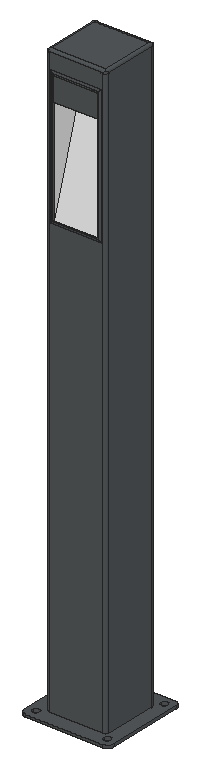
Revit family "svetilnik_alfresco_ar deko_dtu19", category Lighting Fixtures, Revit 2016 (continued)
Definition of nested family "Источник света Ар_Деко"
  Types (5, lengths in mm): name | Photometric Web File | built-in parameter 1150142
      .9      24.6      18.3      12.6       8.4       3.3       0.6\r\n       0.2       0.2       0.2       0.2       0.2       0.2       0.2       0.2\r\n       0.2       0.2       0.2       0.2       0.2       0.2       0.2       0.2\r\n       0.2       0.2       0.2       0.2       0.2       0.2       0.2       0.2\r\n       0.2       0.2       0.2       0.2       0.2       0.2       0.2       0.2\r\n       0.2       0.2       0.2       0.2       0.2       0.2       0.2       0.2\r\n       0.2       0.2       0.2       0.2       0.2       0.2       0.2       0.2\r\n       0.2       0.2       0.2       0.2       0.2       0.2       0.2       0.2\r\n       0.2       0.2       0.2       0.2       0.2       0.2       0.2       0.2\r\n       0.2       0.2       0.2       0.2       0.2       0.2       0.2       0.2\r\n       0.2       0.2       0.2       0.2       0.2       0.2       0.2       0.2\r\n       0.2       0.2       0.2       0.1       0.1       0.1       0.0       0.0\r\n       0.0       0.0       0.0       0.0       0.0\r\n       0.0       0.0       0.2       0.2       0.2       0.1       0.1       0.2\r\n       0.2       0.3       0.2       0.2       0.2       0.2       0.2       0.2\r\n       0.2       0.2       0.2       0.3       0.6       2.7      10.0      28.9\r\n      51.0      69.2      82.1      91.1     103.5     113.1     127.6     143.3\r\n     158.5     173.3     196.4     215.0     231.0     240.4     240.3     239.1\r\n     237.0     235.1     233.5     232.1     228.9     227.1     223.9     220.4\r\n     219.1     214.1     212.3     207.8     204.4     201.8     198.0     193.8\r\n     191.4     186.6     180.5     176.2     173.2     168.0     163.0     160.5\r\n     156.7     150.9     145.9     140.9     136.2     130.4     122.4     110.3\r\n      97.0      85.8      78.2      68.9      63.0      55.0      48.3      42.6\r\n      36.3      30.9      24.8      18.3      13.3       8.7       3.3       0.6\r\n       0.2       0.2       0.2       0.2       0.2       0.2       0.2       0.2\r\n       0.2       0.2       0.2       0.2       0.2       0.2       0.2       0.2\r\n       0.2       0.2       0.2       0.2       0.2       0.2       0.2       0.2\r\n       0.2       0.2       0.2       0.2       0.2       0.2       0.2       0.2\r\n       0.2       0.2       0.2       0.2       0.2       0.2       0.2       0.2\r\n       0.2       0.2       0.2       0.2       0.2       0.2       0.2       0.2\r\n       0.2       0.2       0.2       0.2       0.2       0.2       0.2       0.2\r\n       0.2       0.2       0.2       0.2       0.2       0.2       0.2       0.2\r\n       0.2       0.2       0.2       0.2       0.2       0.2       0.2       0.2\r\n       0.2       0.2       0.2       0.2       0.2       0.2       0.2       0.2\r\n       0.2       0.2       0.2       0.1       0.1       0.1       0.0       0.0\r\n       0.0       0.0       0.0       0.0       0.0\r\n       0.0       0.0       0.2       0.2       0.2       0.1       0.1       0.2\r\n       0.2       0.3       0.2       0.2       0.2       0.2       0.2       0.2\r\n       0.2       0.2       0.3       1.1       4.9      21.5      39.7      75.9\r\n     102.0     121.2     138.1     153.3     165.6     179.3     196.4     209.4\r\n     231.7     246.7     263.9     273.7     274.7     271.7     270.1     265.3\r\n     265.4     262.5     259.9     256.1     251.1     249.9     245.6     244.8\r\n     240.7     238.6     235.2     233.0     230.2     225.6     220.7     217.4\r\n     214.1     210.5     206.8     202.6     196.6     191.8     189.1     184.1\r\n     177.9     172.6     168.1     161.2     152.0     138.5     121.7     106.8\r\n      94.8      84.9      75.3      68.9      61.2      53.9      48.6      40.9\r\n      36.0      29.0      22.0      16.2      11.8       6.1       1.6       0.2\r\n       0.2       0.2       0.2       0.2       0.2       0.2       0.2       0.2\r\n       0.2       0.2       0.2       0.2       0.2       0.2       0.2       0.2\r\n       0.2       0.2       0.2       0.2       0.2       0.2       0.2       0.2\r\n       0.2       0.2       0.2       0.2       0.2       0.2       0.2       0.2\r\n       0.2       0.2       0.2       0.2       0.2       0.2       0.2       0.2\r\n       0.2       0.2       0.2       0.2       0.2       0.2       0.2       0.2\r\n       0.2       0.2       0.2       0.2       0.2       0.2       0.2       0.2\r\n       0.2       0.2       0.2       0.2       0.2       0.2       0.2       0.2\r\n       0.2       0.2       0.2       0.2       0.2       0.2       0.2       0.2\r\n       0.2       0.2       0.2       0.2       0.2       0.2       0.2       0.2\r\n       0.2       0.2       0.2       0.1       0.1       0.1       0.0       0.0\r\n       0.0       0.0       0.0       0.0       0.0\r\n       0.0       0.0       0.2       0.2       0.2       0.1       0.1       0.2\r\n       0.2       0.3       0.3       0.2       0.2       0.2       0.2       0.2\r\n       0.2       0.3       0.8       7.3      26.2      70.9     101.4     129.8\r\n     149.7     165.0     184.1     199.7     216.8     231.7     252.9     274.3\r\n     302.0     310.8     310.9     308.5     306.9     304.8     302.2     300.3\r\n     297.0     295.9     293.4     290.5     289.5     284.5     285.9     282.2\r\n     279.0     275.3     271.1     268.2     265.3     262.7     257.2     252.7\r\n     248.0     243.1     238.0     233.9     229.0     222.8     217.6     211.7\r\n     207.8     201.7     193.5     180.9     162.7     143.0     125.4     113.7\r\n     101.9      91.7      84.5      72.8      65.7      58.1      50.2      42.9\r\n      37.5      29.7      23.2      17.6      12.2       5.3       1.0       0.2\r\n       0.2       0.2       0.2       0.2       0.2       0.2       0.2       0.2\r\n       0.2       0.2       0.2       0.2       0.2       0.2       0.2       0.2\r\n       0.2       0.2       0.2       0.2       0.2       0.2       0.2       0.2\r\n       0.2       0.2       0.2       0.2       0.2       0.2       0.2       0.2\r\n       0.2       0.2       0.2       0.2       0.2       0.2       0.2       0.2\r\n       0.2       0.2       0.2       0.2       0.2       0.2       0.2       0.2\r\n       0.2       0.2       0.2       0.2       0.2       0.2       0.2       0.2\r\n       0.2       0.2       0.2       0.2       0.2       0.2       0.2       0.2\r\n       0.2       0.2       0.2       0.2       0.2       0.2       0.2       0.2\r\n       0.2       0.2       0.2       0.2       0.2       0.2       0.2       0.2\r\n       0.2       0.2       0.2       0.1       0.1       0.1       0.0       0.0\r\n       0.0       0.0       0.0       0.0       0.0\r\n       0.0       0.0       0.2       0.2       0.2       0.1       0.1       0.2\r\n       0.2       0.3       0.3       0.2       0.2       0.2       0.2       0.2\r\n       0.2       0.8       6.1      31.8      73.5     116.2     144.5     165.1\r\n     184.2     200.7     222.1     245.2     266.4     285.2     315.5     329.3\r\n     337.4     337.7     335.2     329.7     330.8     328.7     327.2     327.9\r\n     326.1     324.2     320.9     317.8     315.7     316.1     312.0     310.4\r\n     306.6     302.1     301.1     296.1     292.2     286.6     281.7     279.1\r\n     273.5     268.1     263.5     257.3     251.2     245.9     240.8     234.8\r\n     227.9     217.7     203.8     180.2     154.4     136.6     127.3     113.7\r\n     105.4      95.2      85.8      77.4      70.0      60.7      52.1      45.5\r\n      35.2      27.1      20.6      16.0       9.7       2.6       0.2       0.2\r\n       0.2       0.2       0.2       0.2       0.2       0.2       0.2       0.2\r\n       0.2       0.2       0.2       0.2       0.2       0.2       0.2       0.2\r\n       0.2       0.2       0.2       0.2       0.2       0.2       0.2       0.2\r\n       0.2       0.2       0.2       0.2       0.2       0.2       0.2       0.2\r\n       0.2       0.2       0.2       0.2       0.2       0.2       0.2       0.2\r\n       0.2       0.2       0.2       0.2       0.2       0.2       0.2       0.2\r\n       0.2       0.2       0.2       0.2       0.2       0.2       0.2       0.2\r\n       0.2       0.2       0.2       0.2       0.2       0.2       0.2       0.2\r\n       0.2       0.2       0.2       0.2       0.2       0.2       0.2       0.2\r\n       0.2       0.2       0.2       0.2       0.2       0.2       0.2       0.2\r\n       0.2       0.2       0.2       0.1       0.1       0.1       0.0       0.0\r\n       0.0       0.0       0.0       0.0       0.0\r\n       0.0       0.0       0.2       0.2       0.2       0.1       0.1       0.2\r\n       0.2       0.3       0.3       0.2       0.2       0.2       0.2       0.2\r\n       0.5       5.2      27.5      78.0     123.6     152.7     172.7     192.1\r\n     210.3     233.5     261.9     289.8     322.4     351.4     369.7     368.6\r\n     370.3     369.8     368.0     371.7     371.5     367.1     365.4     364.6\r\n     361.0     360.0     356.9     354.0     350.0     347.4     341.3     337.9\r\n     334.6     331.8     329.6     323.8     318.5     314.3     309.9     304.3\r\n     298.2     294.0     289.4     282.3     276.5     269.7     261.9     254.8\r\n     243.0     224.7     200.3     174.0     157.5     144.6     132.6     122.4\r\n     113.8     102.2      93.1      86.9      76.4      67.9      59.8      50.0\r\n      37.7      30.5      22.5      16.5       8.8       1.1       0.3       0.2\r\n       0.2       0.2       0.2       0.2       0.2       0.2       0.2       0.2\r\n       0.2       0.2       0.2       0.2       0.2       0.2       0.2       0.2\r\n       0.2       0.2       0.2       0.2       0.2       0.2       0.2       0.2\r\n       0.2       0.2       0.2       0.2       0.2       0.2       0.2       0.2\r\n       0.2       0.2       0.2       0.2       0.2       0.2       0.2       0.2\r\n       0.2       0.2       0.2       0.2       0.2       0.2       0.2       0.2\r\n       0.2       0.2       0.2       0.2       0.2       0.2       0.2       0.2\r\n       0.2       0.2       0.2       0.2       0.2       0.2       0.2       0.2\r\n       0.2       0.2       0.2       0.2       0.2       0.2       0.2       0.2\r\n       0.2       0.2       0.2       0.2       0.2       0.2       0.2       0.2\r\n       0.2       0.2       0.2       0.1       0.1       0.1       0.0       0.0\r\n       0.0       0.0       0.0       0.0       0.0\r\n       0.0       0.0       0.3       0.2       0.2       0.1       0.1       0.2\r\n       0.2       0.3       0.3       0.3       0.2       0.2       0.2       0.3\r\n       3.1      21.2      67.2     118.9     156.9     184.0     202.8     224.9\r\n     253.9     283.1     315.6     351.6     390.7     398.7     404.7     404.9\r\n     404.1     402.5     399.5     401.0     395.8     396.0     393.3     387.9\r\n     383.9     378.4     376.8     375.3     374.9     368.0     365.2     359.1\r\n     356.1     353.7     346.7     343.1     340.7     334.6     331.1     325.6\r\n     321.5     314.4     307.8     301.5     294.9     287.3     278.6     264.0\r\n     242.6     216.2     191.0     176.3     163.3     148.6     138.2     129.7\r\n     117.6     106.6      99.5      89.8      77.6      69.3      60.2      49.1\r\n      37.9      29.4      21.7      13.5       5.2       0.5       0.2       0.2\r\n       0.2       0.2       0.2       0.2       0.2       0.2       0.2       0.2\r\n       0.2       0.2       0.2       0.2       0.2       0.2       0.2       0.2\r\n       0.2       0.2       0.2       0.2       0.2       0.2       0.2       0.2\r\n       0.2       0.2       0.2       0.2       0.2       0.2       0.2       0.2\r\n       0.2       0.2       0.2       0.2       0.2       0.2       0.2       0.2\r\n       0.2       0.2       0.2       0.2       0.2       0.2       0.2       0.2\r\n       0.2       0.2       0.2       0.2       0.2       0.2       0.2       0.2\r\n       0.2       0.2       0.2       0.2       0.2       0.2       0.2       0.2\r\n       0.2       0.2       0.2       0.2       0.2       0.2       0.2       0.2\r\n       0.2       0.2       0.2       0.2       0.2       0.2       0.2       0.2\r\n       0.2       0.2       0.2       0.1       0.1       0.1       0.0       0.0\r\n       0.0       0.0       0.0       0.0       0.0\r\n       0.0       0.0       0.3       0.2       0.2       0.1       0.1       0.2\r\n       0.2       0.3       0.3       0.3       0.2       0.2       0.2       0.8\r\n      14.4      52.6     107.3     151.6     183.7     211.6     239.1     268.3\r\n     305.2     333.6     383.3     426.3     441.7     443.4     441.4     439.5\r\n     435.1     431.8     433.1     424.9     425.2     417.8     414.7     416.5\r\n     413.6     411.5     407.3     403.6     395.5     395.7     393.1     391.3\r\n     388.2     378.2     373.8     367.2     362.1     358.5     352.9     349.2\r\n     342.4     334.7     331.1     325.3     318.6     306.8     291.4     265.3\r\n     241.4     218.7     201.0     186.3     170.9     159.8     148.3     134.4\r\n     120.9     111.0     104.0      92.3      85.0      75.3      63.7      51.4\r\n      43.0      35.2      25.7      13.3       3.6       0.2       0.2       0.2\r\n       0.2       0.2       0.2       0.2       0.2       0.2       0.2       0.2\r\n       0.2       0.2       0.2       0.2       0.2       0.2       0.2       0.2\r\n       0.2       0.2       0.2       0.2       0.2       0.2       0.2       0.2\r\n       0.2       0.2       0.2       0.2       0.2       0.2       0.2       0.2\r\n       0.2       0.2       0.2       0.2       0.2       0.2       0.2       0.2\r\n       0.2       0.2       0.2       0.2       0.2       0.2       0.2       0.2\r\n       0.2       0.2       0.2       0.3       0.2       0.2       0.2       0.2\r\n       0.2       0.2       0.2       0.2       0.2       0.2       0.2       0.2\r\n       0.2       0.2       0.2       0.2       0.2       0.2       0.2       0.2\r\n       0.2       0.2       0.2       0.2       0.2       0.2       0.2       0.2\r\n       0.2       0.2       0.2       0.1       0.1       0.1       0.0       0.0\r\n       0.0       0.1       0.0       0.0       0.0\r\n       0.0       0.0       0.3       0.2       0.2       0.2       0.1       0.2\r\n       0.2       0.3       0.3       0.3       0.3       0.2       0.4       4.2\r\n      38.7      91.8     142.6     177.8     210.1     239.1     276.4     319.6\r\n     356.1     408.2     452.9     472.9     474.4     473.3     472.7     468.8\r\n     466.3     465.9     461.5     459.6     455.0     453.3     452.5     448.0\r\n     447.8     444.2     441.8     436.9     433.1     428.9     427.2     417.4\r\n     413.7     412.0     407.4     404.9     399.7     391.7     385.5     376.6\r\n     370.7     366.2     360.9     352.0     341.6     328.1     301.2     273.9\r\n     248.3     231.6     221.1     202.5     186.2     176.7     160.2     147.4\r\n     136.6     124.4     112.1      99.8      92.2      79.9      67.1      55.4\r\n      44.8      37.5      24.3       9.8       1.5       0.3       0.2       0.2\r\n       0.2       0.2       0.2       0.2       0.2       0.2       0.2       0.2\r\n       0.2       0.2       0.2       0.2       0.2       0.2       0.2       0.2\r\n       0.2       0.2       0.2       0.2       0.2       0.2       0.2       0.2\r\n       0.2       0.2       0.2       0.2       0.2       0.2       0.2       0.2\r\n       0.2       0.2       0.2       0.2       0.2       0.2       0.2       0.2\r\n       0.2       0.2       0.2       0.2       0.2       0.2       0.2       0.2\r\n       0.2       0.2       0.2       0.2       0.3       0.2       0.2       0.2\r\n       0.2       0.2       0.2       0.2       0.2       0.2       0.2       0.2\r\n       0.2       0.2       0.2       0.2       0.2       0.2       0.2       0.2\r\n       0.2       0.2       0.2       0.2       0.2       0.2       0.2       0.2\r\n       0.2       0.2       0.2       0.1       0.1       0.1       0.0       0.0\r\n       0.0       0.1       0.0       0.0       0.0\r\n       0.0       0.0       0.3       0.2       0.2       0.2       0.2       0.2\r\n       0.2       0.3       0.3       0.3       0.3  
           0.3       1.6      17.1\r\n      70.7     127.6     169.2     200.9     233.3     270.9     318.0     360.7\r\n     412.2     478.7     503.3     505.5     507.3     507.4     503.8     503.1\r\n     503.7     501.1     501.8     500.2     497.7     495.5     490.5     489.3\r\n     486.2     483.3     479.6     478.9     475.2     473.6     465.7     460.3\r\n     458.4     453.9     450.2     443.7     436.4     434.0     427.0     424.6\r\n     420.4     413.0     405.2     393.4     376.0     350.9     326.7     296.4\r\n     278.8     261.1     242.1     230.1     219.4     206.0     188.9     175.8\r\n     164.5     149.4     137.8     125.5     112.2      96.6      78.5      64.0\r\n      51.0      39.0      23.5       7.4       1.4       0.2       0.2       0.2\r\n       0.2       0.2       0.2       0.2       0.2       0.2       0.2       0.2\r\n       0.2       0.2       0.2       0.2       0.2       0.2       0.2       0.2\r\n       0.2       0.2       0.2       0.2       0.2       0.2       0.2       0.2\r\n       0.2       0.2       0.2       0.2       0.2       0.2       0.2       0.2\r\n       0.2       0.2       0.2       0.2       0.2       0.2       0.2       0.2\r\n       0.2       0.2       0.2       0.2       0.2       0.2       0.2       0.2\r\n       0.2       0.2       0.2       0.2       0.2       0.2       0.2       0.2\r\n       0.2       0.2       0.2       0.2       0.2       0.2       0.2       0.2\r\n       0.2       0.2       0.2       0.2       0.2       0.2       0.2       0.2\r\n       0.2       0.2       0.2       0.2       0.2       0.2       0.2       0.2\r\n       0.2       0.2       0.2       0.1       0.1       0.1       0.0       0.0\r\n       0.0       0.1       0.0       0.0       0.0\r\n       0.0       0.0       0.3       0.2       0.2       0.2       0.2       0.2\r\n       0.2       0.3       0.3       0.3       0.3       0.3       5.4      42.1\r\n     104.4     155.2     190.4     224.0     260.7     306.6     353.2     401.1\r\n     468.3     505.9     515.3     514.4     515.1     513.3     511.9     512.3\r\n     511.4     508.1     503.7     502.5     502.3     499.8     501.4     499.0\r\n     495.2     490.1     489.9     484.8     484.4     476.4     476.3     476.7\r\n     471.3     463.1     458.1     455.8     447.8     442.1     439.2     432.1\r\n     425.8     417.7     407.5     391.4     367.5     337.0     309.3     291.4\r\n     274.2     260.3     243.4     230.0     218.1     199.7     186.0     177.4\r\n     163.4     147.4     136.6     125.3     106.9      91.7      75.2      63.9\r\n      54.9      38.2      20.3       2.6       0.3       0.2       0.2       0.2\r\n       0.2       0.2       0.2       0.2       0.2       0.2       0.2       0.2\r\n       0.2       0.2       0.2       0.2       0.2       0.2       0.2       0.2\r\n       0.2       0.2       0.2       0.2       0.2       0.2       0.2       0.2\r\n       0.2       0.2       0.2       0.2       0.2       0.2       0.2       0.2\r\n       0.2       0.2       0.2       0.2       0.2       0.2       0.2       0.2\r\n       0.2       0.2       0.2       0.2       0.2       0.2       0.2       0.2\r\n       0.2       0.2       0.2       0.2       0.2       0.2       0.2       0.2\r\n       0.2       0.2       0.2       0.2       0.2       0.2       0.2       0.2\r\n       0.2       0.2       0.2       0.2       0.2       0.2       0.2       0.2\r\n       0.2       0.2       0.2       0.2       0.2       0.2       0.2       0.2\r\n       0.2       0.2       0.2       0.1       0.1       0.1       0.0       0.0\r\n       0.0       0.1       0.0       0.0       0.0\r\n       0.0       0.0       0.3       0.2       0.3       0.2       0.2       0.2\r\n       0.2       0.3       0.3       0.3       0.3       0.5      14.8      70.1\r\n     134.3     177.3     210.4     247.0     291.6     339.1     382.2     449.7\r\n     510.8     519.7     519.7     521.6     521.5     517.1     518.0     517.1\r\n     515.1     514.8     513.7     513.0     512.1     512.4     507.9     502.8\r\n     502.5     500.8     495.2     492.0     487.9     492.2     486.0     476.8\r\n     475.7     472.9     466.5     459.8     457.2     451.4     446.4     441.2\r\n     432.4     420.4     405.7     381.4     353.1     326.7     306.2     291.8\r\n     273.0     256.2     245.4     234.2     216.9     202.7     190.6     180.3\r\n     165.8     148.6     139.2     124.4     105.4      89.4      76.2      64.5\r\n      51.4      33.9      16.4       3.6       0.3       0.2       0.2       0.2\r\n       0.2       0.2       0.2       0.2       0.2       0.2       0.2       0.2\r\n       0.2       0.2       0.2       0.2       0.2       0.2       0.2       0.2\r\n       0.2       0.2       0.2       0.2       0.2       0.2       0.2       0.2\r\n       0.2       0.2       0.2       0.2       0.2       0.2       0.2       0.2\r\n       0.2       0.2       0.2       0.2       0.2       0.2       0.2       0.2\r\n       0.2       0.2       0.2       0.2       0.2       0.2       0.2       0.2\r\n       0.2       0.2       0.2       0.2       0.2       0.2       0.2       0.2\r\n       0.2       0.2       0.2       0.2       0.2       0.2       0.2       0.2\r\n       0.2       0.2       0.2       0.2       0.2       0.2       0.2       0.2\r\n       0.2       0.2       0.2       0.2       0.2       0.2       0.2       0.2\r\n       0.2       0.2       0.2       0.1       0.1       0.1       0.0       0.0\r\n       0.0       0.1       0.0       0.0       0.0\r\n       0.0       0.0       0.3       0.2       0.3       0.2       0.2       0.2\r\n       0.2       0.3       0.3       0.3       0.3       1.4      33.1      96.2\r\n     153.9     193.3     228.3     268.6     317.0     360.6     413.7     488.5\r\n     517.8     521.4     520.2     519.8     521.0     518.9     521.0     519.8\r\n     518.2     519.0     520.0     517.6     516.1     515.6     513.2     511.7\r\n     509.3     504.9     501.8     500.4     497.1     489.2     487.4     484.4\r\n     479.2     472.6     470.9     469.3     462.8     457.2     450.3     443.3\r\n     433.7     420.6     392.5     364.2     337.4     315.8     302.3     283.5\r\n     267.5     254.6     245.0     227.3     209.2     200.5     190.2     172.2\r\n     157.6     146.6     134.6     119.2     103.9      86.7      72.5      63.8\r\n      44.9      26.1       9.7       1.4       0.2       0.2       0.2       0.2\r\n       0.2       0.2       0.2       0.2       0.2       0.2       0.2       0.2\r\n       0.2       0.2       0.2       0.2       0.2       0.2       0.2       0.2\r\n       0.2       0.2       0.2       0.2       0.2       0.2       0.2       0.2\r\n       0.2       0.2       0.2       0.2       0.2       0.2       0.2       0.2\r\n       0.2       0.2       0.2       0.2       0.2       0.2       0.2       0.2\r\n       0.2       0.2       0.2       0.2       0.2       0.2       0.2       0.2\r\n       0.2       0.2       0.2       0.2       0.2       0.2       0.2       0.2\r\n       0.2       0.2       0.2       0.2       0.2       0.2       0.2       0.2\r\n       0.2       0.2       0.2       0.2       0.2       0.2       0.2       0.2\r\n       0.2       0.2       0.2       0.2       0.2       0.2       0.2       0.2\r\n       0.2       0.2       0.2       0.1       0.1       0.1       0.0       0.0\r\n       0.0       0.1       0.0       0.0       0.0\r\n       0.0       0.0       0.3       0.2       0.3       0.2       0.2       0.2\r\n       0.2       0.3       0.3       0.3       0.3       4.8      57.0     121.9\r\n     168.3     205.0     244.5     288.2     334.0     383.8     451.8     509.6\r\n     518.4     519.8     522.3     523.9     524.9     525.5     524.3     523.7\r\n     523.2     523.8     519.7     521.7     519.5     517.7     514.9     511.4\r\n     509.2     509.4     509.6     505.6     501.1     499.3     493.0     487.0\r\n     486.7     485.6     478.7     472.2     465.9     458.7     453.0     446.0\r\n     435.5     415.2     391.0     362.2     336.0     317.7     298.6     284.1\r\n     271.3     260.4     248.3     230.6     214.8     204.5     194.0     174.1\r\n     161.1     151.6     137.4     119.1     102.8      85.1      73.6      62.6\r\n      48.0      26.5       8.5       0.7       0.2       0.2       0.2       0.2\r\n       0.2       0.2       0.2       0.2       0.2       0.2       0.2       0.2\r\n       0.2       0.2       0.2       0.2       0.2       0.2       0.2       0.2\r\n       0.2       0.2       0.2       0.2       0.2       0.2       0.2       0.2\r\n       0.2       0.2       0.2       0.2       0.2       0.2       0.2       0.2\r\n       0.2       0.2       0.2       0.2       0.2       0.2       0.2       0.2\r\n       0.2       0.2       0.2       0.2       0.2       0.2       0.2       0.2\r\n       0.2       0.2       0.2       0.2       0.2       0.2       0.2       0.2\r\n       0.2       0.2       0.2       0.2       0.2       0.2       0.2       0.2\r\n       0.2       0.2       0.2       0.2       0.2       0.2       0.2       0.2\r\n       0.2       0.2       0.2       0.2       0.2       0.2       0.2       0.2\r\n       0.2       0.2       0.2       0.1       0.1       0.1       0.0       0.0\r\n       0.0       0.1       0.0       0.0       0.0\r\n       0.0       0.0       0.3       0.2       0.3       0.2       0.2       0.2\r\n       0.2       0.3       0.3       0.3       0.3      13.8      78.5     141.8\r\n     183.3     221.0     261.1     306.3     351.7     416.3     488.6     518.7\r\n     521.9     522.4     526.0     526.3     525.0     527.3     523.8     525.3\r\n     525.6     523.5     526.1     522.7     520.1     516.7     515.5     513.7\r\n     515.2     511.0     504.9     505.7     502.5     498.1     500.2     495.8\r\n     488.1     481.5     478.2     472.3     469.0     467.0     462.5     452.1\r\n     432.6     399.2     369.5     344.7     326.4     313.1     297.3     279.2\r\n     267.9     259.3     240.2     223.7     215.5     202.9     186.8     171.8\r\n     161.9     151.6     133.1     118.7      99.3      82.3      72.0      54.8\r\n      35.6      17.2       4.5       0.5       0.2       0.2       0.2       0.2\r\n       0.2       0.2       0.2       0.2       0.2       0.2       0.2       0.2\r\n       0.2       0.2       0.2       0.2       0.2       0.2       0.2       0.2\r\n       0.2       0.2       0.2       0.2       0.2       0.2       0.2       0.2\r\n       0.2       0.2       0.2       0.2       0.2       0.2       0.2       0.2\r\n       0.2       0.2       0.2       0.2       0.2       0.2       0.2       0.2\r\n       0.2       0.2       0.2       0.2       0.2       0.2       0.2       0.2\r\n       0.2       0.2       0.2       0.2       0.2       0.2       0.2       0.2\r\n       0.2       0.2       0.2       0.2       0.2       0.2       0.2       0.2\r\n       0.2       0.2       0.2       0.2       0.2       0.2       0.2       0.2\r\n       0.2       0.2       0.2       0.2       0.2       0.3       0.3       0.2\r\n       0.2       0.2       0.2       0.1       0.1       0.1       0.0       0.1\r\n       0.1       0.1       0.0       0.0       0.0\r\n       0.0       0.0       0.3       0.2       0.3       0.2       0.2       0.2\r\n       0.3       0.3       0.3       0.3       0.5      27.7      98.1     156.7\r\n     200.1     240.8     281.7     327.0     377.5     451.7     514.6     526.2\r\n     529.5     531.5     530.1     530.7     529.3     528.6     530.3     530.2\r\n     529.8     527.5     522.1     524.1     526.6     526.8     524.1     522.6\r\n     519.6     522.4     516.4     510.0     506.4     505.1     499.7     491.9\r\n     490.7     487.4     483.4     481.6     474.6     465.6     458.0     439.7\r\n     418.2     393.1     365.6     343.1     326.1     307.9     292.8     280.7\r\n     271.9     258.6     239.0     222.4     212.3     202.2     182.4     168.8\r\n     160.2     144.4     130.1     111.9      95.2      81.1      72.6      59.8\r\n      40.0      17.4       2.3       0.2       0.2       0.2       0.2       0.2\r\n       0.2       0.2       0.2       0.2       0.2       0.2       0.2       0.2\r\n       0.2       0.2       0.2       0.2       0.2       0.2       0.2       0.2\r\n       0.2       0.2       0.2       0.2       0.2       0.2       0.2       0.2\r\n       0.2       0.2       0.2       0.2       0.2       0.2       0.2       0.2\r\n       0.2       0.2       0.2       0.2       0.2       0.2       0.2       0.2\r\n       0.2       0.2       0.2       0.2       0.2       0.2       0.2       0.2\r\n       0.2       0.2       0.2       0.2       0.2       0.2       0.2       0.2\r\n       0.2       0.2       0.2       0.2       0.2       0.2       0.2       0.2\r\n       0.2       0.2       0.2       0.2       0.2       0.2       0.2       0.2\r\n       0.2       0.2       0.2       0.2       0.2       0.3       0.3       0.2\r\n       0.2       0.2       0.2       0.1       0.1       0.1       0.0       0.1\r\n       0.1       0.1       0.0       0.0       0.0\r\n       0.0       0.0       0.3       0.2       0.3       0.2       0.2       0.2\r\n       0.3       0.3       0.3       0.3       0.9      43.2     115.9     169.9\r\n     214.3     254.2     298.3     350.3     408.5     488.3     531.2     535.2\r\n     535.3     536.0     534.6     532.2     532.0     533.0     531.1     529.1\r\n     526.0     528.2     531.8     529.5     529.6     528.6     522.4     522.1\r\n     518.2     512.8     509.7     508.5     506.5     505.9     500.0     498.0\r\n     496.0     491.2     485.8     478.5     476.8     470.8     460.2     442.0\r\n     412.6     383.3     355.3     338.2     325.9     308.0     291.6     278.3\r\n     265.0     247.2     230.5     223.1     214.2     199.4     180.5     171.7\r\n     164.3     145.1     126.6     107.6      90.0      79.9      66.5      49.2\r\n      30.2      11.2       0.9       0.2       0.2       0.2       0.2       0.2\r\n       0.2       0.2       0.2       0.2       0.2       0.2       0.2       0.2\r\n       0.2       0.2       0.2       0.2       0.2       0.2       0.2       0.2\r\n       0.2       0.2       0.2       0.2       0.2       0.2       0.2       0.2\r\n       0.2       0.2       0.2       0.2       0.2       0.2       0.2       0.2\r\n       0.2       0.2       0.2       0.2       0.2       0.2       0.2       0.2\r\n       0.2       0.2       0.2       0.2       0.2       0.2       0.2       0.2\r\n       0.2       0.2       0.2       0.2       0.2       0.2       0.2       0.2\r\n       0.2       0.2       0.2       0.2       0.3       0.2       0.2       0.2\r\n       0.2       0.2       0.2       0.2       0.2       0.2       0.2       0.2\r\n       0.2       0.2       0.3       0.3       0.2       0.3       0.3       0.2\r\n       0.2       0.2       0.2       0.1       0.1       0.1       0.1       0.1\r\n       0.1       0.1       0.0       0.0       0.0\r\n       0.0       0.0       0.3       0.2       0.3       0.2       0.2       0.2\r\n       0.3       0.3       0.3       0.3       2.0      60.9     130.4     179.8\r\n     221.7     258.7     308.2     361.1     432.1     516.3     537.6     537.3\r\n     537.1     535.2     532.5     533.8     533.3     533.0     531.4     529.7\r\n     532.8     530.8     529.4     525.7     520.0     520.7     518.7     518.2\r\n     517.4     514.0     514.6     510.8     506.0     504.1     501.9     498.7\r\n     494.7     491.4     490.1     485.6     479.9     469.5     451.1     431.8\r\n     405.0     374.5     351.7     334.2     322.0     301.8     287.1     281.6\r\n     267.1     247.4     233.7     224.9     213.1     196.7     183.6     173.3\r\n     162.7     142.5     125.3     105.4      90.3      81.3      66.3      50.3\r\n      31.3      11.8       1.5       0.2       0.2       0.2       0.2       0.2\r\n       0.2       0.2       0.2       0.2       0.2       0.2       0.2       0.2\r\n       0.2       0.2       0.2       0.2       0.2       0.2       0.2       0.2\r\n       0.2       0.2       0.2       0.2       0.2       0.2       0.2       0.2\r\n       0.2       0.2       0.2       0.2       0.2       0.2       0.2       0.2\r\n       0.2       0.2       0.2       0.2       0.2      
